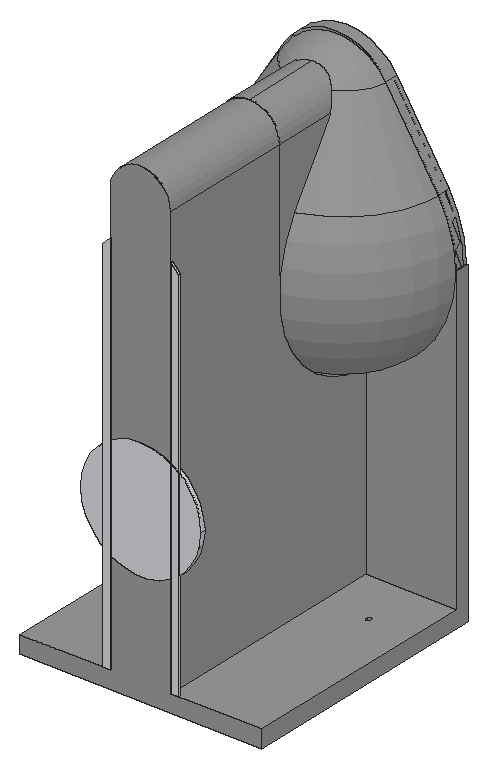
Revit family "Toilet-Willoughby-ASETF-1490-FM-FA-10-TS", category Plumbing Fixtures, Revit 2015
Parameters (values of type "Standard")
  Waste DIA = 2 3/8"
  Waste Connection = yes
  W-RAD [instance] = Waste DIA / 2  # 0' - 1 3/16"
  Vent Connection = no
  URL = "https://www.willoughby-ind.com/wp-content/uploads/2018/01/ASETF-1490-FM-FA.pdf"
  Type Comments = ""
  Revision = "A"
  Model = "ASETW-1490-FM-FA-10-TS"
  Manufacturer = "Willoughby Industries"
  HW Connection = no
  Flush inlet DIA = 1 1/2"
  Flush Inlet Connection = yes
  Fixture Body = Stainless Steel AISI 304-Willoughby
  F-RAD [instance] = Flush inlet DIA / 2  # 0' - 0 3/4"
  Description = "1490 Front Access, Ligature-Resistant, Floor Outlet and Mounted, Siphon Jet, 10\" Rough In"
  Default Elevation = 0' - 0"
  Contact Number = "(800) 428-4065"
  CW Connection = no
Reference planes (in)
  plane 1 "Base": y = -16.25
  plane 2: z = 0
  plane 3 "Center": x = 18.31072
  plane 4 "Waste height": y = -4.75
  plane 5 "Seat HGT": y = -1.25
  plane 6: y = -2.125
  plane 7: x = 16.56072
  plane 8: x = 20.06072
  plane 9: x = 13.81072
  plane 10: x = 22.81072
  plane 11: z = 2.70924
  plane 12: z = -3
  plane 13: z = 25
Forms (in)
  Extrusion 1, solid, material "Stainless Steel AISI 304-Willoughby" <- "Fixture Body"
    sketch origin (16.08109, 7.47968, -4.20079) x (-1, 0, 0) y (0, 0, -1)
      loop
        line (4.79769, -22.8922) -> (4.83287, -22.8922) -> (4.83287, -5.20079) -> (-9.29213, -5.20079) -> (-9.29213, -22.8922) -> (-9.20219, -22.8922)
        arc (-9.20219, -22.8922) -> (-8.94577, -24.74051) -> (-8.21015, -26.45542) r 7
        line (-8.21015, -26.45542) -> (-5.16818, -31.31054)
        arc (-5.16818, -31.31054) -> (-2.20225, -32.95225) -> (0.76368, -31.31054) r 3.5
        line (0.76368, -31.31054) -> (3.80565, -26.45542)
        arc (3.80565, -26.45542) -> (4.54128, -24.74051) -> (4.79769, -22.8922) r 7
      loop
        arc (2.03989, -24.70557) -> (-2.20225, -18.23804) -> (-6.44438, -24.70557) r 4.625
        line (-6.44438, -24.70557) -> (-4.04125, -30.23842)
        arc (-4.04125, -30.23842) -> (-2.20225, -31.45225) -> (-0.36324, -30.23842) r 2
        line (-0.36324, -30.23842) -> (2.03989, -24.70557)
    from 8.72968 to 9.5
  Revolve 2, solid, material "Stainless Steel AISI 304-Willoughby" <- "Fixture Body"
    sketch origin (19.37981, -1.52032, -0.99225) x (-1, 0, 0) y (0, 0, -1)
      loop
        line (1.06174, -12.59906) -> (1.06174, -12.84906)
        arc (1.06174, -12.84906) -> (6.96784, -16.33096) -> (6.78077, -23.18447) r 6.75
        line (6.78077, -23.18447) -> (5.22309, -25.66909)
        arc (5.22309, -25.66909) -> (3.40303, -27.84141) -> (1.06174, -29.43826) r 10.34445
        line (1.06174, -29.43826) -> (1.06174, -29.68826)
        arc (1.06174, -29.68826) -> (2.75672, -29.25045) -> (4.02767, -28.04656) r 3.5
        line (4.02767, -28.04656) -> (7.06964, -23.19143)
        arc (7.06964, -23.19143) -> (7.15052, -16.14555) -> (1.06174, -12.59906) r 7
      axis (1.06174, -12.59906) -> (1.06174, -29.68826)
    angle from 0 to -180
  Extrusion 3, solid, material "Stainless Steel AISI 304-Willoughby" <- "Fixture Body"
    sketch origin (19.53334, -3.02032, -2.0094) x (0, 1, 0) y (0, 0, 1)
      loop
        line (-5.27082, 3.0094) -> (1, 3.0094) -> (1, 13.80524)
        arc (1, 13.80524) -> (-3.15813, 15.45207) -> (-5.27082, 19.39398) r 6.50625
        line (-5.27082, 19.39398) -> (-5.27082, 3.0094)
    from 0.52738 to -2.97262
  Extrusion 4, solid, material "Stainless Steel AISI 304-Willoughby" <- "Fixture Body"
    sketch origin (0, 1.11185, 0) x (1, 0, 0) y (0, 0, 1)
      loop
        circle (18.31072, 2.70924) r 0.75
    from 2.36185 to 1.42435
  Extrusion 5, solid, material "Stainless Steel AISI 304-Willoughby" <- "Fixture Body"
    sketch origin (0, -16.25, 0) x (1, 0, 0) y (0, 0, 1)
      loop
        line (25.37322, 0) -> (25.37322, 1) -> (11.2834, 1) -> (11.2834, 0) -> (25.37322, 0)
    from -15 to 0
  Extrusion 6, solid, material "Stainless Steel AISI 304-Willoughby" <- "Fixture Body"
    sketch origin (0, -16.25, 2.94141) x (1, 0, 0) y (0, 0, 1)
      loop
        line (20.06072, -1.94141) -> (20.06072, 23.23467)
        arc (20.06072, 23.23467) -> (18.31072, 24.98467) -> (16.56072, 23.23467) r 1.75
        line (16.56072, 23.23467) -> (16.56072, -1.94141) -> (20.06072, -1.94141)
    from 0 to -7.95886
  Extrusion 7, solid, material "Stainless Steel AISI 304-Willoughby" <- "Fixture Body"
    sketch origin (18.31072, 0, 2.94141) x (0, 1, 0) y (0, 0, 1)
      loop
        line (-8.30956, 24.98711) -> (-8.30956, 16.43945)
        arc (-8.30956, 16.43945) -> (-7.89398, 17.78452) -> (-7.26296, 19.04298) r 8.53534
        arc (-7.26296, 19.04298) -> (-5.96181, 21.12816) -> (-4.62752, 23.19229) r 153.87584
        arc (-4.62752, 23.19229) -> (-4.20813, 24.22574) -> (-3.39314, 24.98711) r 2.59068
        line (-3.39314, 24.98711) -> (-8.30956, 24.98711)
    from -1.75 to 1.75
  Extrusion 8, void
    sketch origin (0, -16.25, 2.94141) x (1, 0, 0) y (0, 0, 1)
      loop
        arc (18.32244, 24.98711) -> (19.55159, 24.47797) -> (20.06072, 23.24882) r 1.73828
        line (20.06072, 23.24882) -> (20.06072, 24.98711) -> (18.32244, 24.98711)
    from -12.85686 to -7.72232
  Extrusion 9, void
    sketch origin (0, -16.25, 2.94141) x (1, 0, 0) y (0, 0, 1)
      loop
        line (16.56072, 24.98711) -> (16.56072, 23.38793)
        arc (16.56072, 23.38793) -> (17.12541, 24.5271) -> (18.31072, 24.98711) r 1.75711
        line (18.31072, 24.98711) -> (16.56072, 24.98711)
    from -12.85686 to -7.94044
  Extrusion 10, solid
    sketch origin (0, -16.25, 2.94141) x (1, 0, 0) y (0, 0, 1)
      loop
        line (20.06072, -1.94141) -> (20.56072, -1.94141) -> (20.56072, 20.125) -> (20.06072, 20.625) -> (20.06072, -1.94141)
      loop
        line (16.58416, -1.94141) -> (16.58416, 20.625) -> (16.08416, 20.125) -> (16.08416, -1.94141) -> (16.58416, -1.94141)
    from 0 to -0.0625
  Extrusion 11, solid
    sketch origin (0, -16.25, 0) x (1, 0, 0) y (0, 0, 1)
      loop
        circle (18.32831, 10) r 3.5
    from 0 to -0.25
  Extrusion 12, void
    sketch origin (0, 0, 0) x (1, 0, 0) y (0, 1, 0)
      loop
        circle (22.82831, -5.25) r 0.15625
      loop
        circle (13.82831, -5.25) r 0.15625
    from -0.25 to 1
Cuts and joins
  Extrusion 12 cuts Extrusion 1
  Extrusion 12 cuts Extrusion 3
  Extrusion 12 cuts Extrusion 5
  Extrusion 12 cuts Extrusion 6
  joined: Extrusion 1, Extrusion 3, Extrusion 5, Extrusion 6
  Extrusion 8, Extrusion 9 cuts Extrusion 7
Lines and regions (in)
  symbolic lines
    curve 1: line (11.28334, -2.02032, 0) -> (11.28334, -1.25, 0)
    curve 2: line (11.28334, -1.25, 0) -> (25.28334, -1.25, 0)
    curve 3: line (25.28334, -1.25, 0) -> (25.28334, -2.02032, 0)
    curve 4: arc (25.28334, -2.02032, 0) -> (23.0776, -6.6446, 0) -> (18.31072, -8.52239, 0) r 6.98983
    curve 5: arc (18.31072, -8.52239, 0) -> (13.52369, -6.64758, 0) -> (11.28334, -2.02032, 0) r 7.04842
    curve 6: line (22.81072, -6.88104, 0) -> (22.81072, -16.25, 0)
    curve 7: line (22.81072, -16.25, 0) -> (13.81072, -16.25, 0)
    curve 8: line (13.81072, -16.25, 0) -> (13.81072, -6.89908, 0)
    curve 9: line (16.56072, -8.30173, 0) -> (16.56072, -16.25, 0)
    curve 10: line (20.06072, -8.29974, 0) -> (20.06072, -16.25, 0)
    curve 11: line (14.78334, -16.25, 9.65867) -> (14.78334, -16.25, 1)
    curve 12: line (14.78334, -16.25, 1) -> (13.81072, -16.25, 1)
    curve 13: line (13.81072, -16.25, 1) -> (13.81072, -16.25, 0)
    curve 14: line (13.81072, -16.25, 0) -> (22.81072, -16.25, 0)
    curve 15: line (22.81072, -16.25, 0) -> (22.81072, -16.25, 1)
    curve 16: line (22.81072, -16.25, 1) -> (21.81072, -16.25, 1)
    curve 17: line (21.81072, -16.25, 1) -> (21.81072, -16.25, 9.67456)
    curve 18: arc (21.81072, -16.25, 9.67456) -> (25.08799, -16.25, 13.93608) -> (24.32597, -16.25, 19.25778) r 6.9206
    curve 19: line (24.32597, -16.25, 19.25778) -> (21.24927, -16.25, 24.16835)
    curve 20: arc (21.24927, -16.25, 24.16835) -> (19.97832, -16.25, 25.37224) -> (18.28334, -16.25, 25.81005) r 3.5
    curve 21: arc (18.28334, -16.25, 25.81005) -> (16.58835, -16.25, 25.37224) -> (15.31741, -16.25, 24.16835) r 3.5
    curve 22: line (15.31741, -16.25, 24.16835) -> (12.35249, -16.25, 19.43905)
    curve 23: arc (12.35249, -16.25, 19.43905) -> (11.49002, -16.25, 14.03241) -> (14.78334, -16.25, 9.65867) r 7
    curve 29: line (18.31072, -8.4296, 16.67525) -> (18.31072, -16.25, 16.67525)
    curve 30: line (18.31072, -16.25, 16.67525) -> (18.31072, -16.25, 0)
    curve 31: line (18.31072, -16.25, 0) -> (18.31072, -1.25, 0)
    curve 32: line (18.31072, -1.25, 0) -> (18.31072, -1.25, 25.81005)
    curve 33: line (18.31072, -1.25, 25.81005) -> (18.31072, -2.02032, 25.81005)
    curve 34: arc (18.31072, -2.02032, 25.81005) -> (18.31072, -3.29152, 25.30605) -> (18.31072, -4.30177, 24.38445) r 3.79748
    curve 35: line (18.31072, -4.30177, 24.38445) -> (18.31072, -7.52822, 19.25778)
    curve 36: arc (18.31072, -7.52822, 19.25778) -> (18.31072, -8.12539, 18.01764) -> (18.31072, -8.4296, 16.67525) r 6.10578
    curve 37: arc (18.31072, -8.4296, 16.67525) -> (18.31072, -8.31403, 15.24489) -> (18.31072, -8.29114, 13.81005) r 22.19593
    curve 38: arc (18.31072, -8.29114, 13.81005) -> (18.31072, -5.95289, 10.31029) -> (18.31072, -2.02032, 8.81005) r 6.92744
    curve 39: line (18.31072, -1.25, 9.65867) -> (18.31072, -2.02032, 9.65867)
    curve 40: line (18.31072, -2.02032, 9.65867) -> (18.31072, -2.02032, 1)
    curve 41: line (18.31072, -2.02032, 1) -> (18.31072, -16.25, 1)
    curve 42: line (20.06072, -8.29974, 0) -> (20.06072, -4.61725, 0)
    curve 43: arc (20.06072, -4.61725, 0) -> (19.34995, -3.84312, 0) -> (18.31072, -3.68676, 0) r 1.57857
    curve 44: arc (18.31072, -3.68676, 0) -> (17.30223, -3.87691, 0) -> (16.56072, -4.5864, 0) r 1.8036
    curve 45: line (16.56072, -4.5864, 0) -> (16.56072, -8.30173, 0)
    curve 46: line (18.31072, -8.30956, 24.98711) -> (18.31072, -3.72908, 24.98711)
  symbolic lines, detail levels fine
    curve 24: arc (14.0412, -16.25, 17.56337) -> (18.28334, -16.25, 11.09585) -> (22.52547, -16.25, 17.56337) r 4.625
    curve 25: line (22.52547, -16.25, 17.56337) -> (20.12234, -16.25, 23.09622)
    curve 26: arc (20.12234, -16.25, 23.09622) -> (19.38317, -16.25, 23.97635) -> (18.28334, -16.25, 24.31005) r 2.01767
    curve 27: arc (18.28334, -16.25, 24.31005) -> (17.17969, -16.25, 23.98213) -> (16.44433, -16.25, 23.09622) r 1.9827
    curve 28: line (16.44433, -16.25, 23.09622) -> (14.0412, -16.25, 17.56337)
Dimensions and locks (in)
  locked: plane 1 "Base" to plane 4 "Waste height" at 11.5
  locked: plane 1 "Base" to plane 5 "Seat HGT" at 15
  plane 9 to plane 3 "Center" = 0' - 4 1/2"
  plane 9 to plane 10 = 0' - 9"
  plane 13 to level = 2' - 1"
  "F-RAD": radius of Extrusion 4 sketch curve
  aligned and locked: plane 3 "Center" to Extrusion 4 sketch curve
  aligned and locked: plane 11 to Extrusion 4 sketch curve
  aligned and locked: Extrusion 1 to Revolve 2
  aligned and locked: cut or joined group of Extrusion 1, Extrusion 3, Extrusion 5, Extrusion 6, Extrusion 12 to Extrusion 1
  aligned and locked: Extrusion 9 to Extrusion 7
Automatic sketch dimensions
  curve 20 to curve 21 = 0' - 0"  (x2)
  curve 23 to curve 24 = 0' - 0"  (x2)
  curve 14 to level = 0' - 0"
  curve 14 to plane 9 = 0' - 0"
  curve 15 to plane 10 = 0' - 0"
  curve 22 to plane 9 = 0' - 1.45823"
  plane 9 to curve 28 = 0' - 0 59/256"
  curve 12 to curve 11 = 0' - 0.97262"
  curve 22 to plane 7 = 0' - 1.24331"
  curve 28 to plane 7 = 0' - 0.11639"
  curve 26 to plane 3 "Center" = 0' - 0.03902"
  curve 26 to curve 27 = 0' - 0.0002"
  curve 24 to plane 3 "Center" = 0' - 0.02738"
  curve 27 to curve 21 = 0' - 0.01144"
  plane 3 "Center" to curve 18 = 0' - 0.08339"
  plane 8 to curve 25 = 0' - 0.06162"
  curve 19 to plane 13 = 0' - 0.83165"
  plane 8 to curve 19 = 0' - 1.18855"
  curve 17 to plane 10 = 0' - 1"
  curve 25 to plane 10 = 0' - 0.28525"
  plane 10 to curve 19 = 0' - 1.51526"
  level to curve 12 = 0' - 1"
  level to curve 16 = 0' - 1"
  plane 11 to curve 11 = 0' - 6.94943"
  plane 11 to curve 17 = 0' - 6.96532"
  curve 17 to curve 18 = 0' - 6.01843"
  curve 18 to curve 24 = 0' - 0.02786"
  curve 25 to curve 18 = 0' - 1.6944"
  curve 26 to plane 13 = 0' - 2.70758"
  curve 26 to curve 20 = 0' - 0.01763"
  curve 20 to curve 27 = 0' - 0.01733"
  curve 28 to curve 22 = 0' - 1.07212"
  curve 25 to curve 19 = 0' - 1.07212"
  level to Extrusion 3 sketch curve = 0' - 1"
  plane 4 "Waste height" to Extrusion 3 sketch curve = 0' - 3.54114"
  plane 6 to Extrusion 3 sketch curve = 0' - 0.10468"
  plane 6 to Extrusion 3 sketch curve = 0' - 0.27542"
  plane 11 to Extrusion 3 sketch curve = 0' - 9.0866"
  Extrusion 3 sketch curve to Extrusion 3 sketch curve = 0' - 5.58874"
  Extrusion 5 sketch curve to level = 0' - 0"
  Extrusion 5 sketch curve to plane 9 = 0' - 2.52732"
  plane 10 to Extrusion 5 sketch curve = 0' - 2 9/16"
  level to Extrusion 5 sketch curve = 0' - 1"
  level to Extrusion 6 sketch curve = 0' - 1"
  Extrusion 6 sketch curve to plane 7 = 0' - 0"
  Extrusion 6 sketch curve to plane 3 "Center" = 0' - 0"
  plane 13 to Extrusion 6 sketch curve = 0' - 1.17607"
  plane 13 to Extrusion 7 sketch curve = 0' - 2.92851"
  plane 4 "Waste height" to Extrusion 7 sketch curve = 0' - 3.55956"
  Extrusion 7 sketch curve to plane 6 = 0' - 1.26814"
  plane 6 to Extrusion 7 sketch curve = 0' - 0.05145"
  Extrusion 7 sketch curve to plane 5 "Seat HGT" = 0' - 1.27544"
  Extrusion 7 sketch curve to plane 12 = 4' - 7.43063"
  Extrusion 7 sketch curve to plane 5 "Seat HGT" = 10' - 5.1785"
  Extrusion 7 sketch curve to plane 13 = 0' - 7.4576"
  Extrusion 7 sketch curve to Extrusion 7 sketch curve = 0' - 8.54766"
  plane 13 to Extrusion 7 sketch curve = 0' - 0.69909"
  plane 4 "Waste height" to Extrusion 7 sketch curve = 0' - 2.51296"
  Extrusion 8 sketch curve to plane 8 = 0' - 0"
  plane 3 "Center" to Extrusion 8 sketch curve = 0' - 0 3/256"
  plane 13 to Extrusion 8 sketch curve = 0' - 1.19023"
  Revolve 2 sketch curve to Revolve 2 sketch curve = 0' - 0"  (x2)
  plane 10 to Revolve 2 sketch curve = 0' - 0.11048"
  plane 3 "Center" to Revolve 2 sketch curve = 0' - 0.00736"  (x3)
  plane 13 to Revolve 2 sketch curve = 0' - 2.05431"
  Revolve 2 sketch curve to plane 7 = 0' - 1.20857"
  plane 9 to Revolve 2 sketch curve = 0' - 0.346"
  Revolve 2 sketch curve to plane 9 = 0' - 1.21168"
  Revolve 2 sketch curve to Revolve 2 sketch curve = 0' - 0.28887"
  plane 13 to Revolve 2 sketch curve = 0' - 3.44601"
  Revolve 2 sketch curve to Revolve 2 sketch curve = 0' - 0 1/4"
  Revolve 2 sketch curve to Revolve 2 sketch curve = 0' - 2.37746"
  Revolve 2 sketch curve to Revolve 2 sketch curve = 0' - 2.47766"
  Revolve 2 sketch curve to Revolve 2 sketch curve = 0' - 0.00696"
  Revolve 2 sketch curve to Revolve 2 sketch curve = 0' - 0.57536"
  Revolve 2 sketch curve to Revolve 2 sketch curve = 0' - 3 1/4"
  Revolve 2 sketch curve to Revolve 2 sketch curve = 0' - 2.4108"
  Extrusion 9 sketch curve to plane 7 = 0' - 0"
  Extrusion 9 sketch curve to plane 3 "Center" = 0' - 0"
  plane 13 to Extrusion 9 sketch curve = 0' - 2.92851"
  Extrusion 9 sketch curve to Extrusion 9 sketch curve = 0' - 1.59918"
  plane 5 "Seat HGT" to curve 1 = 0' - 0"
  plane 1 "Base" to curve 7 = 0' - 0"
  curve 7 to plane 9 = 0' - 0"
  curve 9 to plane 7 = 0' - 0"
  curve 4 to plane 3 "Center" = 0' - 0"
  curve 44 to plane 3 "Center" = 0' - 0"
  curve 10 to plane 8 = 0' - 0"
  curve 43 to plane 8 = 0' - 0"
  curve 6 to plane 10 = 0' - 0"
  curve 5 to plane 3 "Center" = 0' - 0"
  plane 6 to curve 1 = 0' - 0.10468"
  curve 1 to plane 9 = 0' - 2.52738"
  curve 44 to plane 3 "Center" = 0' - 0.18388"
  curve 5 to plane 3 "Center" = 0' - 0.00017"
  plane 3 "Center" to curve 43 = 0' - 0.29814"
  plane 10 to curve 3 = 0' - 2.47262"
  plane 4 "Waste height" to curve 44 = 0' - 0.73096"
  plane 4 "Waste height" to curve 43 = 0' - 0.48692"
  curve 42 to plane 4 "Waste height" = 0' - 0.13275"
  plane 6 to curve 3 = 0' - 0.10468"
  plane 5 "Seat HGT" to curve 4 = 0' - 0.28257"
  curve 45 to curve 9 = 0' - 0"
  curve 30 to plane 1 "Base" = 0' - 0"
  curve 33 to plane 5 "Seat HGT" = 0' - 0"
  curve 32 to level = 0' - 0"
  plane 1 "Base" to curve 37 = 1' - 2.23409"
  plane 4 "Waste height" to curve 29 = 0' - 3.6796"
  curve 36 to curve 35 = 0' - 0.90137"
  curve 35 to plane 4 "Waste height" = 0' - 0.44823"
  curve 36 to plane 6 = 0' - 0.23566"
  plane 6 to curve 33 = 0' - 0.10468"
  plane 6 to curve 40 = 0' - 0.10468"
  plane 5 "Seat HGT" to curve 38 = 0' - 0.38413"
  plane 5 "Seat HGT" to curve 34 = 0' - 0.02916"
  level to curve 40 = 0' - 1"
  plane 11 to curve 39 = 0' - 6.94943"
  curve 37 to plane 13 = 0' - 10.82646"
  curve 39 to curve 38 = 0' - 6.06805"
  curve 38 to curve 36 = 0' - 0.27887"
  curve 29 to plane 13 = 0' - 8.32475"
  curve 35 to plane 13 = 0' - 0.61555"
  curve 46 to plane 13 = 0' - 0.01289"
  plane 4 "Waste height" to curve 46 = 0' - 3.55956"
  curve 37 to curve 38 = 0' - 0.13846"
  curve 34 to curve 46 = 0' - 0.57268"
  Extrusion 1 sketch curve to Extrusion 1 sketch curve = 0' - 0"  (x6)
  level to Extrusion 1 sketch curve = 0' - 1"
  plane 10 to Extrusion 1 sketch curve = 0' - 2 9/16"
  Extrusion 1 sketch curve to Extrusion 1 sketch curve = 0' - 0.08994"
  plane 10 to Extrusion 1 sketch curve = 0' - 1.48052"
  Extrusion 1 sketch curve to plane 10 = 0' - 0.28525"
  plane 8 to Extrusion 1 sketch curve = 0' - 1.18855"
  plane 8 to Extrusion 1 sketch curve = 0' - 0.06162"
  Extrusion 1 sketch curve to plane 3 "Center" = 0' - 0.02738"  (x2)
  Extrusion 1 sketch curve to plane 7 = 0' - 0.11639"
  plane 13 to Extrusion 1 sketch curve = 0' - 2.10975"
  Extrusion 1 sketch curve to plane 7 = 0' - 1.24331"
  plane 9 to Extrusion 1 sketch curve = 0' - 0 59/256"
  Extrusion 1 sketch curve to plane 9 = 0' - 1.53528"
  Extrusion 1 sketch curve to plane 9 = 0' - 2.52732"
  Extrusion 1 sketch curve to Extrusion 1 sketch curve = 0' - 0.03518"
  Extrusion 1 sketch curve to Extrusion 1 sketch curve = 0' - 1.07212"
  Extrusion 1 sketch curve to Extrusion 1 sketch curve = 0' - 0.78617"
  Extrusion 1 sketch curve to Extrusion 1 sketch curve = 0' - 3.783"  (x2)
  Extrusion 1 sketch curve to Extrusion 1 sketch curve = 0' - 1.74985"
  Extrusion 1 sketch curve to Extrusion 1 sketch curve = 0' - 1.81337"
  Extrusion 10 sketch curve to plane 8 = 0' - 0"
  plane 7 to Extrusion 10 sketch curve = 0' - 0 3/128"
  Extrusion 10 sketch curve to plane 7 = 0' - 0 61/128"
  plane 8 to Extrusion 10 sketch curve = 0' - 0 1/2"
  level to Extrusion 10 sketch curve = 0' - 1"  (x2)
  Extrusion 10 sketch curve to plane 13 = 0' - 1 239/256"
  Extrusion 10 sketch curve to Extrusion 10 sketch curve = 0' - 0"
  Extrusion 10 sketch curve to Extrusion 10 sketch curve = 0' - 0 1/2"  (x2)
  plane 3 "Center" to Extrusion 11 sketch curve = 0' - 0.01759"
  plane 11 to Extrusion 11 sketch curve = 0' - 7.29076"
  plane 9 to Extrusion 12 sketch curve = 0' - 0.01759"
  plane 10 to Extrusion 12 sketch curve = 0' - 0.01759"
  plane 4 "Waste height" to Extrusion 12 sketch curve = 0' - 0 1/2"  (x2)
  radius of Extrusion 11 sketch curve = 0' - 3 1/2"
  radius of Extrusion 12 sketch curve = 0' - 0 5/32"  (x2)
Connectors (in)
  piping at (18.31072, -0.3125, 2.70924), diameter 1.5, driven by "F-RAD", driven by "Flush Inlet Connection"
    settings: on Extrusion 4, index 2, connector inside diameter 1 1/2", connector length 0' - 0", flow factor 0, pipe flow 1.6 GPM, pressure drop 0.00 psi, fitting loss kfactor 0, connector angle 0.00°, fixture units 0, engagement length 0' - 0", angle of deflection 0.00°, flow configuration 0, flow direction 1, fitting loss method 0, system type 20, joint type 0, gender type 0, connector reference index -1, connector utility 1, adjustable connector no, is connector primary yes, connector description "Flush Inlet"
  piping at (18.32831, -16.25, 10), diameter 2.5
    settings: on Extrusion 11, index 3, connector inside diameter 24", connector length 0' - 0", flow factor 0, pipe flow 0 GPM, pressure drop 0.00 psi, fitting loss kfactor 0, connector angle 0.00°, fixture units 0, engagement length 0' - 0", angle of deflection 0.00°, flow configuration 0, flow direction 0, fitting loss method 0, system type 7, joint type 0, gender type 0, connector reference index -1, connector utility 0, adjustable connector no, is connector primary no, connector description ""
